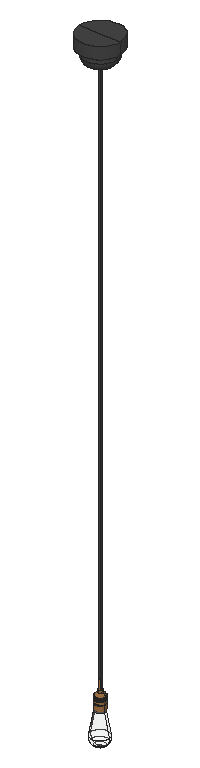
Revit family "SPO-AB MB", category Lighting Fixtures, Revit 2020
Family settings
  Round Connector Dimension = Use Diameter
  Part Type = Normal
  OmniClass Number = 23.80.70.00
  OmniClass Title = Lighting
  Work Plane-Based = No
  Always vertical = Yes
  Cut with Voids When Loaded = No
  Light Source = Yes
  Shared = No
  Room Calculation Point = No
Parameters (values of type "SPO-AB")
  Weight = "0.30 lbs"
  Wattage Comments = "60W Max"
  Wattage = 1.6 W
  Warranty = "5 year limited warranty"  # constant formula
  built-in parameter 1150110 = 1 (stored number, unit not read)
  Voltage = 277 V
  URL = "https://www.anplighting.com/assets/Uploads/product-attachments/specification-sheets/ANP-Specification-Sheet-SPO-AB.pdf"
  built-in parameter 1114217 = 1 (stored number, unit not read)
  Tilt Angle = 90.00°
  built-in parameter 1150109 = 1 (stored number, unit not read)
  built-in parameter 1150134 = 12
  built-in parameter 1150113 = 1 (stored number, unit not read)
  SPO-AB = yes
  Ring = RING
  Mounting Option [instance] = 1
  Power Factor = 1
  Post Mount [instance] = Mounting Option = 5  # no
  Placement X axis side [instance] = if(Post Mount, 2' 2 15/32", if(Cord or Stem Mount, 0' 0", if(E36 20 inch, 1' 8 1/4", if(E 6 26 inch, 2' 2", if(E7 41 inch, 3' 5 1/4", 0' 1")))))  # 0' - 0"
  Photometric Web File = "generic.ies"
  Model = "SPO-AB"
  Manufacturer = "ANP Lighting"  # constant formula
  built-in parameter 1150105 = 2000 (stored number, unit not read)
  Lumens = 2000 lm
  built-in parameter 1150115 = 1 (stored number, unit not read)
  Load Classification = Lighting
  Light Source Height [instance] = 0' - 6 205/256"
  built-in parameter 1150137 = (empty or 0)
  built-in parameter 1150139 = (empty or 0)
  Light Elevation _2 [instance] = if(Post Mount, 0' 0.66142", if(E7 41 inch, 0' 0.66142", if(E36 20 inch, 0' 1.65748", if(E 6 26 inch, 0' 1.53543", if(Cord or Stem Mount, (0' 4.3622" + Cord Length), 0' 0")))))  # 6' - 4.3622"
  Light Elevation _1 [instance] = if(Post Mount, 0' 0", if(E7 41 inch, 0' 0", if(E36 20 inch, 0' 1", if(E 6 26 inch, 0' 0.87402", if(Cord or Stem Mount, (0' 3.66142" + Cord Length), 0' 0")))))  # 6' - 3.66142"
  Light Elevation [instance] = if(Post Mount, 14' 0.5315", if(E7 41 inch, 0' 0", 0' 0"))  # 0' - 0"
  built-in parameter 1150112 = 1 (stored number, unit not read)
  built-in parameter 1150114 = 1 (stored number, unit not read)
  Lamp = "MED-BASE"
  built-in parameter 1150132 = 2
  built-in parameter 1150102 = (empty or 0)
  built-in parameter 1150107 = 4000 (stored number, unit not read)
  built-in parameter 1150138 = (empty or 0)
  built-in parameter 1150106 = 20 (stored number, unit not read)
  GLASS = Glass
  Fixture Height = 0' - 2 1/4"
  Fixture Diameter = 0' - 1 3/8"
  built-in parameter 1150104 = 116.13 (stored number, unit not read)
  E7 41 inch [instance] = Mounting Option = 4  # no
  E36 20 inch [instance] = Mounting Option = 3  # no
  E 6 26 inch [instance] = Mounting Option = 2  # no
  Dimming Lamp Color Temperature Shift = <None>
  Description = "120-277 Voltage"  # constant formula
  Default Elevation = 0' - 0"
  Cord or Stem Mount [instance] = Mounting Option = 1  # yes
  Cord Length option [instance] = 0
  Cord Length [instance] = if([2' Cord], 2' 0", if([4' Cord], 4' 0", if([8' Cord], 8' 0", if([10' Cord], 10' 0", if([6' Cord], 6' 0", 6' 0")))))  # 6' - 0"
  Construction Material = "Heavy Duty spun aluminum."  # constant formula
  Color Filter = 16777215
  Body Material = body
  Body Colour = "Spun aluminium"  # constant formula
  built-in parameter 1114218 = 1 (stored number, unit not read)
  built-in parameter 1150133 = 10 (stored number, unit not read)
  Apparent Load = 60 VA
  8' Cord [instance] = Cord Length option = 8  # no
  6' Cord [instance] = Cord Length option = 6  # no
  4' Cord [instance] = Cord Length option = 4  # no
  2' Cord [instance] = Cord Length option = 2  # no
  10' Cord [instance] = Cord Length option = 10  # no
Reference planes (in)
  plane 1 "Light Source Axis (F/B)": y = 0
  plane 2: z = 0
  plane 3 "Light Source Axis (L/R)": x = 0
  plane 4 "Light Source Elevation": z = 0
  plane 5: z = 0
  plane 6: x = 0
  plane 7 "Bulb Position": z = -76.3622
  plane 8 "Canopy Position": z = -75.66142
  plane 9 "IES": z = -83.16299
Dimensions and locks (in)
  "Light Elevation": plane 5 to plane 2
  "Placement X axis side": plane 6 to plane 3 "Light Source Axis (L/R)"
  "Light Elevation _2": plane 5 to plane 7 "Bulb Position"
  "Light Elevation _1": plane 5 to plane 8 "Canopy Position"
  "Light Source Height": plane 7 "Bulb Position" to plane 9 "IES"
  locked: plane 4 "Light Source Elevation" to plane 2
  aligned and locked: level to plane 2
  aligned and locked: plane 1 "Light Source Axis (F/B)" to nested 5
  aligned and locked: nested 5 to plane 2
  aligned and locked: nested 1 to plane 3 "Light Source Axis (L/R)"
  aligned and locked: plane 3 "Light Source Axis (L/R)" to nested 2
  aligned and locked: plane 3 "Light Source Axis (L/R)" to nested 4
  aligned and locked: nested 3 to plane 5
  aligned and locked: plane 3 "Light Source Axis (L/R)" to nested 3
  aligned and locked: plane 3 "Light Source Axis (L/R)" to nested 5
  aligned and locked: plane 1 "Light Source Axis (F/B)" to nested 2
  aligned and locked: plane 1 "Light Source Axis (F/B)" to nested 1
  aligned and locked: plane 1 "Light Source Axis (F/B)" to nested 4
  aligned and locked: plane 1 "Light Source Axis (F/B)" to nested 3
  aligned and locked: plane 2 to nested 1
  aligned and locked: plane 2 to nested 2
  aligned and locked: nested 4 to plane 2
  aligned and locked: imposter light to plane 9 "IES"
  aligned and locked: imposter light to plane 6
  aligned and locked: nested 6 to plane 6
  aligned and locked: nested 6 to plane 8 "Canopy Position"
Nested families (in)
  nested 1: "CORD OR STEM MOUNT" at (0, 0, -75.67), visible <- "Cord or Stem Mount", Cord or Stem Mount <- "Cord or Stem Mount", Body Material <- "Body Material", Light Elevation <- "Light Elevation", Cord Length <- "Cord Length", 10' Cord <- "10' Cord", 2' Cord <- "2' Cord", 4' Cord <- "4' Cord", 6' Cord <- "6' Cord", 8' Cord <- "8' Cord", type "CORD OR STEM MOUNT"
    with Light Elevation 0' - 0", Cord or Stem Mount yes, Cord Length 6' - 0", Body Material body, 8' Cord no, 6' Cord no, 4' Cord no, 2' Cord no, 10' Cord no
  nested 2: "E6 26 INCH" at (0, 0, 0), visible <- "E 6 26 inch", Chain Length <- "Cord Length", E 6 26 inch <- "E 6 26 inch", Placement X axis side <- "Placement X axis side", Body Material <- "Body Material", Light Elevation <- "Light Elevation", type "E6 26 INCH"
    with Placement X axis side 0' - 0", Light Elevation 0' - 0", E 6 26 inch no, Chain Length 6' - 0", Body Material body
  nested 3: "E7 41 INCH" at (0, 0, 0), Chain Length <- "Cord Length", visible <- "E7 41 inch", E7 41 inch <- "E7 41 inch", Placement X axis side <- "Placement X axis side", Body Material <- "Body Material", Light Elevation <- "Light Elevation", type "E7 41 INCH"
    with Placement X axis side 0' - 0", Light Elevation 0' - 0", E7 41 inch no, Chain Length 6' - 0", Body Material body
  nested 4: "E36 20 INCH" at (0, 0, 0), visible <- "E36 20 inch", E36 20 inch <- "E36 20 inch", Placement X axis side <- "Placement X axis side", Chain Length <- "Cord Length", Body Material <- "Body Material", Light Elevation <- "Light Elevation", type "E36 20 INCH"
    with Placement X axis side 0' - 0", Light Elevation 0' - 0", E36 20 inch no, Chain Length 6' - 0", Body Material body
  nested 5: "POST MOUNT" at (0, 0, 0), visible <- "Post Mount", Post Mount <- "Post Mount", Placement X axis side <- "Placement X axis side", Chain Length <- "Cord Length", Body Material <- "Body Material", Light Elevation <- "Light Elevation", type "POST MOUNT"
    with Post Mount no, Placement X axis side 0' - 0", Light Elevation 0' - 0", Chain Length 6' - 0", Body Material body
  nested 6: "SPO-AB" at (0, 0, -75.66142), Light Elevation <- "Light Elevation", Body <- "Ring", visible <- "SPO-AB", SPO-AB <- "SPO-AB", type "SPO-AB"
    with Light Elevation 0' - 0", Body RING
Definition of nested family "CORD OR STEM MOUNT"
  Parameters (values of type "CORD OR STEM MOUNT")
    URL = ""
    Model = ""
    Manufacturer = ""
    Light Elevation [instance] = 1' - 7.69"
    Default Elevation = 0' - 0"
    Cord or Stem Mount [instance] = yes
    Cord Length [instance] = 6' - 0"
    Body Material [instance] = none
    8' Cord [instance] = no
    6' Cord [instance] = no
    4' Cord [instance] = no
    2' Cord [instance] = no
    10' Cord [instance] = no
  Reference planes (in)
    plane 1 "Light Source Axis (F/B)": y = 0
    plane 2: z = 0
    plane 3 "Light Source Axis (L/R)": x = 0
    plane 4 "Light Source Elevation": z = 23.125
    plane 5: z = 91.69
    plane 6: z = 19.69
  Forms (in)
    Extrusion 1, void, not visible
      sketch origin (0, 0, 2.38154) x (1, 0, 0) y (0, 0, 1)
        loop
          circle (0, 4.59925) r 0.16583
      from 1.18594 to 1.75
    Extrusion 2, void, not visible
      sketch origin (0, 0, 2.38154) x (0.707107, -0.707107, 0) y (0, 0, 1)
        loop
          circle (0, 4.59925) r 0.16583
      from 1.18594 to 1.75
    Extrusion 3, void, not visible
      sketch origin (0, 0, 2.38154) x (0.707107, 0.707107, 0) y (0, 0, 1)
        loop
          circle (0, 4.59925) r 0.16583
      from 1.18594 to 1.75
    Extrusion 4, void, not visible
      sketch origin (0, 0, 2.38154) x (0, 1, 0) y (0, 0, 1)
        loop
          circle (0, 4.59925) r 0.16583
      from 1.18594 to 1.75
    Extrusion 5, void, not visible
      sketch origin (0, 0, 2.38154) x (-0.707107, 0.707107, 0) y (0, 0, 1)
        loop
          circle (0, 4.59925) r 0.16583
      from 1.18594 to 1.75
    Extrusion 6, void, not visible
      sketch origin (0, 0, 2.38154) x (-1, 0, 0) y (0, 0, 1)
        loop
          circle (0, 4.59925) r 0.20678
      from 1.18594 to 1.75
    Extrusion 7, void, not visible
      sketch origin (0, 0, 2.38154) x (-0.707107, -0.707107, 0) y (0, 0, 1)
        loop
          circle (0, 4.59925) r 0.16583
      from 1.18594 to 1.75
    Extrusion 8, void, not visible
      sketch origin (0, 0, 2.38154) x (0, -1, 0) y (0, 0, 1)
        loop
          circle (0, 4.59925) r 0.16583
      from 1.18594 to 1.75
    Revolve 9, solid, material <- "Body Material", visible <- "Cord or Stem Mount"
      sketch origin (0, 0, 174.56698) x (1, 0, 0) y (0, 0, 1)
        loop
          line (2.6875, -79.20698) -> (0, -79.20698) -> (0, -82.87698) -> (0.125, -82.87698) -> (0.125, -82.83698) -> (0.75, -82.83698)
          arc (0.75, -82.83698) -> (0.81694, -82.77004) -> (0.75, -82.7031) r 0.06694
          line (0.75, -82.7031) -> (0.89763, -82.7031) -> (1.00223, -82.5985) -> (1.06587, -82.5985)
          arc (1.06587, -82.5985) -> (1.80099, -82.29401) -> (2.10549, -81.55888) r 1.03962
          line (2.10549, -81.55888) -> (2.10549, -81.03899)
          arc (2.10549, -81.03899) -> (2.12951, -80.981) -> (2.1875, -80.95698) r 0.08201
          line (2.1875, -80.95698) -> (2.1875, -80.70698) -> (2.6875, -80.70698) -> (2.6875, -79.20698)
        axis (0, -79.20698) -> (0, -82.87698)
      angle from 0 to 360
    Revolve 10, solid, material <- "Body Material", visible <- "Cord or Stem Mount"
      sketch origin (0, 0, 0) x (1, 0, 0) y (0, 0, 1)
        loop
          line (0, 91.69) -> (-0.125, 91.69) -> (-0.125, 19.69) -> (0, 19.69) -> (0, 91.69)
        axis (0, 19.69) -> (0, 91.69)
      angle from 0 to 360
  Dimensions and locks (in)
    "Light Elevation": plane 6 to plane 2
    "Cord Length": plane 5 to plane 6
    locked: Revolve 10 sketch curve to Revolve 10 sketch curve at 0.125
    aligned and locked: level to plane 2
    aligned and locked: Revolve 10 sketch curve to plane 3 "Light Source Axis (L/R)"
    aligned and locked: Revolve 10 sketch curve to plane 6
    aligned and locked: Revolve 10 sketch curve to plane 5
    aligned and locked: plane 3 "Light Source Axis (L/R)" to Revolve 10 sketch curve
  Automatic sketch dimensions
    Revolve 9 sketch curve to plane 3 "Light Source Axis (L/R)" = 0' - 0"  (x2)
    Revolve 9 sketch curve to plane 5 = 0' - 0"
    plane 3 "Light Source Axis (L/R)" to Revolve 9 sketch curve = 0' - 0 1/8"
    Revolve 9 sketch curve to plane 5 = 0' - 0.17388"
    Revolve 9 sketch curve to Revolve 9 sketch curve = 0' - 0 5/8"
    Revolve 9 sketch curve to Revolve 9 sketch curve = 0' - 0.14763"
    Revolve 9 sketch curve to plane 5 = 0' - 0.27847"
    Revolve 9 sketch curve to Revolve 9 sketch curve = 0' - 0.1046"
    Revolve 9 sketch curve to Revolve 9 sketch curve = 0' - 0.06364"
    Revolve 9 sketch curve to Revolve 9 sketch curve = 0' - 1.03962"
    Revolve 9 sketch curve to Revolve 9 sketch curve = 0' - 0 21/256"
    Revolve 9 sketch curve to Revolve 9 sketch curve = 0' - 0 1/2"  (x2)
    Revolve 9 sketch curve to Revolve 9 sketch curve = 0' - 0.51989"
    Revolve 9 sketch curve to Revolve 9 sketch curve = 0' - 0 1/4"
    Revolve 9 sketch curve to Revolve 9 sketch curve = 0' - 2.3519"
    Revolve 9 sketch curve to Revolve 9 sketch curve = 0' - 1 1/4"
    Revolve 9 sketch curve to Revolve 9 sketch curve = 0' - 0.04"
    Revolve 10 sketch curve to Revolve 10 sketch curve = 0' - 0 1/2"
    Revolve 10 sketch curve to Revolve 10 sketch curve = 0' - 0.42345"
Definition of nested family "SPO-AB"
  Parameters (values of type "SPO-AB")
    SPO-AB [instance] = yes
    Light Elevation [instance] = 0' - 0"
    GLASS = none
    Default Elevation = 0' - 0"
    Body [instance] = none
  Reference planes (in)
    plane 1 "Center (Front/Back)": y = 0
    plane 2: z = 0
    plane 3 "Center (Left/Right)": x = 0
    plane 4: z = 0
  Dimensions and locks (in)
    "Light Elevation": plane 4 to plane 2
    locked: plane 4 to nested 2 at 2.25
    aligned and locked: plane 2 to level
    aligned and locked: plane 3 "Center (Left/Right)" to nested 1
    aligned and locked: plane 1 "Center (Front/Back)" to nested 1
    aligned and locked: plane 4 to nested 1
  Nested families (in)
    nested 1: "SPO-AB HOLDER" at (0, 0, -2.25), visible <- "SPO-AB", Body <- "Body", SPO-AB <- "SPO-AB", type "SPO-AB HOLDER"
    nested 2: "light" at (0, 0, -2.25), visible <- "SPO-AB", SPB <- "SPO-AB", Body <- "GLASS", type "light"
      with SPB yes, Body none
  Definition of nested family "SPO-AB HOLDER"
    Parameters (values of type "SPO-AB HOLDER")
      SPO-AB [instance] = yes
      Default Elevation = 0' - 0"
      Body [instance] = none
    Reference planes (in)
      plane 1 "Center (Front/Back)": y = 0
      plane 2: z = 0
      plane 3 "Center (Left/Right)": x = 0
      plane 4: z = 2.25
      plane 5: x = -0.67187
      plane 6: x = 0.67188
    Forms (in)
      Extrusion 1, solid, material <- "Body", visible <- "SPO-AB"
        sketch origin (0, 0, 0) x (1, 0, 0) y (0, 1, 0)
          loop
            circle (0, 0) r 0.1524
        from 2.25 to 3.52161
      Revolve 2, solid, material <- "Body", visible <- "SPO-AB"
        sketch origin (0, 0, 0) x (1, 0, 0) y (0, 0, 1)
          loop
            line (0, 2.25) -> (-0.24572, 2.25) -> (-0.24572, 1.96493)
            arc (-0.24572, 1.96493) -> (-0.46878, 1.82707) -> (-0.5977, 1.59872) r 0.5266
            line (-0.5977, 1.59872) -> (-0.67187, 1.59872) -> (-0.67187, 1.22149) -> (-0.63998, 1.22149) -> (-0.63998, 0.80249) -> (-0.60818, 0.7343) -> (-0.60818, 0) -> (0, 0) -> (0, 0.03906) -> (-0.56912, 0.03906) -> (-0.56912, 0.74296) -> (-0.60091, 0.81115) -> (-0.60091, 1.22149) -> (-0.63281, 1.22149) -> (-0.63281, 1.55966) -> (-0.5668, 1.55966)
            arc (-0.5668, 1.55966) -> (-0.44105, 1.79956) -> (-0.20666, 1.93531) r 0.48753
            line (-0.20666, 1.93531) -> (-0.20666, 2.21094) -> (0, 2.21094) -> (0, 2.25)
          axis (0, 0) -> (0, 2.25)
        angle from 0 to 360
      Extrusion 3, solid, material <- "Body", visible <- "SPO-AB"
        sketch origin (0.02835, 0.02835, 0) x (1, 0, 0) y (0, 1, 0)
          loop
            line (0.4381, 0.42191) -> (0.46327, 0.39674) -> (0.48646, 0.41993) -> (0.46129, 0.4451) -> (0.4381, 0.42191)
        from 1.28639 to 1.55966
      Extrusion 4, solid, material <- "Body", visible <- "SPO-AB"
        sketch origin (0.03049, 0.02603, 0) x (0.996897, -0.078721, 0) y (0.078721, 0.996897, 0)
          loop
            line (0.4381, 0.42191) -> (0.46327, 0.39674) -> (0.48646, 0.41993) -> (0.46129, 0.4451) -> (0.4381, 0.42191)
        from 1.28639 to 1.55966
      Extrusion 5, solid, material <- "Body", visible <- "SPO-AB"
        sketch origin (0.03245, 0.02355, 0) x (0.987606, -0.156954, 0) y (0.156954, 0.987606, 0)
          loop
            line (0.4381, 0.42191) -> (0.46327, 0.39674) -> (0.48646, 0.41993) -> (0.46129, 0.4451) -> (0.4381, 0.42191)
        from 1.28639 to 1.55966
      Extrusion 6, solid, material <- "Body", visible <- "SPO-AB"
        sketch origin (0.0342, 0.02092, 0) x (0.972185, -0.234213, 0) y (0.234213, 0.972185, 0)
          loop
            line (0.4381, 0.42191) -> (0.46327, 0.39674) -> (0.48646, 0.41993) -> (0.46129, 0.4451) -> (0.4381, 0.42191)
        from 1.28639 to 1.55966
      Extrusion 7, solid, material <- "Body", visible <- "SPO-AB"
        sketch origin (0.03574, 0.01816, 0) x (0.950731, -0.310018, 0) y (0.310018, 0.950731, 0)
          loop
            line (0.4381, 0.42191) -> (0.46327, 0.39674) -> (0.48646, 0.41993) -> (0.46129, 0.4451) -> (0.4381, 0.42191)
        from 1.28639 to 1.55966
      Extrusion 8, solid, material <- "Body", visible <- "SPO-AB"
        sketch origin (0.03706, 0.01529, 0) x (0.923375, -0.383899, 0) y (0.383899, 0.923375, 0)
          loop
            line (0.4381, 0.42191) -> (0.46327, 0.39674) -> (0.48646, 0.41993) -> (0.46129, 0.4451) -> (0.4381, 0.42191)
        from 1.28639 to 1.55966
      Extrusion 9, solid, material <- "Body", visible <- "SPO-AB"
        sketch origin (0.03815, 0.01233, 0) x (0.890289, -0.455397, 0) y (0.455397, 0.890289, 0)
          loop
            line (0.4381, 0.42191) -> (0.46327, 0.39674) -> (0.48646, 0.41993) -> (0.46129, 0.4451) -> (0.4381, 0.42191)
        from 1.28639 to 1.55966
      Extrusion 10, solid, material <- "Body", visible <- "SPO-AB"
        sketch origin (0.039, 0.00929, 0) x (0.851676, -0.524068, 0) y (0.524068, 0.851676, 0)
          loop
            line (0.4381, 0.42191) -> (0.46327, 0.39674) -> (0.48646, 0.41993) -> (0.46129, 0.4451) -> (0.4381, 0.42191)
        from 1.28639 to 1.55966
      Extrusion 11, solid, material <- "Body", visible <- "SPO-AB"
        sketch origin (0.03961, 0.00619, 0) x (0.807778, -0.589487, 0) y (0.589487, 0.807778, 0)
          loop
            line (0.4381, 0.42191) -> (0.46327, 0.39674) -> (0.48646, 0.41993) -> (0.46129, 0.4451) -> (0.4381, 0.42191)
        from 1.28639 to 1.55966
      Extrusion 12, solid, material <- "Body", visible <- "SPO-AB"
        sketch origin (0.03997, 0.00305, 0) x (0.758866, -0.651247, 0) y (0.651247, 0.758866, 0)
          loop
            line (0.4381, 0.42191) -> (0.46327, 0.39674) -> (0.48646, 0.41993) -> (0.46129, 0.4451) -> (0.4381, 0.42191)
        from 1.28639 to 1.55966
      Extrusion 13, solid, material <- "Body", visible <- "SPO-AB"
        sketch origin (0.04009, -0.00011, 0) x (0.705244, -0.708965, 0) y (0.708965, 0.705244, 0)
          loop
            line (0.4381, 0.42191) -> (0.46327, 0.39674) -> (0.48646, 0.41993) -> (0.46129, 0.4451) -> (0.4381, 0.42191)
        from 1.28639 to 1.55966
      Extrusion 14, solid, material <- "Body", visible <- "SPO-AB"
        sketch origin (0.03996, -0.00326, 0) x (0.647245, -0.762282, 0) y (0.762282, 0.647245, 0)
          loop
            line (0.4381, 0.42191) -> (0.46327, 0.39674) -> (0.48646, 0.41993) -> (0.46129, 0.4451) -> (0.4381, 0.42191)
        from 1.28639 to 1.55966
      Extrusion 15, solid, material <- "Body", visible <- "SPO-AB"
        sketch origin (0.03958, -0.0064, 0) x (0.585228, -0.810869, 0) y (0.810869, 0.585228, 0)
          loop
            line (0.4381, 0.42191) -> (0.46327, 0.39674) -> (0.48646, 0.41993) -> (0.46129, 0.4451) -> (0.4381, 0.42191)
        from 1.28639 to 1.55966
      Extrusion 16, solid, material <- "Body", visible <- "SPO-AB"
        sketch origin (0.03895, -0.00949, 0) x (0.519579, -0.854422, 0) y (0.854422, 0.519579, 0)
          loop
            line (0.4381, 0.42191) -> (0.46327, 0.39674) -> (0.48646, 0.41993) -> (0.46129, 0.4451) -> (0.4381, 0.42191)
        from 1.28639 to 1.55966
      Extrusion 17, solid, material <- "Body", visible <- "SPO-AB"
        sketch origin (0.03808, -0.01253, 0) x (0.450705, -0.892673, 0) y (0.892673, 0.450705, 0)
          loop
            line (0.4381, 0.42191) -> (0.46327, 0.39674) -> (0.48646, 0.41993) -> (0.46129, 0.4451) -> (0.4381, 0.42191)
        from 1.28639 to 1.55966
      Extrusion 18, solid, material <- "Body", visible <- "SPO-AB"
        sketch origin (0.03698, -0.01549, 0) x (0.379034, -0.925383, 0) y (0.925383, 0.379034, 0)
          loop
            line (0.4381, 0.42191) -> (0.46327, 0.39674) -> (0.48646, 0.41993) -> (0.46129, 0.4451) -> (0.4381, 0.42191)
        from 1.28639 to 1.55966
      Extrusion 19, solid, material <- "Body", visible <- "SPO-AB"
        sketch origin (0.03564, -0.01835, 0) x (0.305011, -0.952349, 0) y (0.952349, 0.305011, 0)
          loop
            line (0.4381, 0.42191) -> (0.46327, 0.39674) -> (0.48646, 0.41993) -> (0.46129, 0.4451) -> (0.4381, 0.42191)
        from 1.28639 to 1.55966
      Extrusion 20, solid, material <- "Body", visible <- "SPO-AB"
        sketch origin (0.03409, -0.0211, 0) x (0.229094, -0.973404, 0) y (0.973404, 0.229094, 0)
          loop
            line (0.4381, 0.42191) -> (0.46327, 0.39674) -> (0.48646, 0.41993) -> (0.46129, 0.4451) -> (0.4381, 0.42191)
        from 1.28639 to 1.55966
      Extrusion 21, solid, material <- "Body", visible <- "SPO-AB"
        sketch origin (0.03232, -0.02372, 0) x (0.151755, -0.988418, 0) y (0.988418, 0.151755, 0)
          loop
            line (0.4381, 0.42191) -> (0.46327, 0.39674) -> (0.48646, 0.41993) -> (0.46129, 0.4451) -> (0.4381, 0.42191)
        from 1.28639 to 1.55966
      Extrusion 22, solid, material <- "Body", visible <- "SPO-AB"
        sketch origin (0.03035, -0.02619, 0) x (0.073474, -0.997297, 0) y (0.997297, 0.073474, 0)
          loop
            line (0.4381, 0.42191) -> (0.46327, 0.39674) -> (0.48646, 0.41993) -> (0.46129, 0.4451) -> (0.4381, 0.42191)
        from 1.28639 to 1.55966
      Extrusion 23, solid, material <- "Body", visible <- "SPO-AB"
        sketch origin (0.0282, -0.0285, 0) x (-0.005262, -0.999986, 0) y (0.999986, -0.005262, 0)
          loop
            line (0.4381, 0.42191) -> (0.46327, 0.39674) -> (0.48646, 0.41993) -> (0.46129, 0.4451) -> (0.4381, 0.42191)
        from 1.28639 to 1.55966
      Extrusion 24, solid, material <- "Body", visible <- "SPO-AB"
        sketch origin (0.02587, -0.03063, 0) x (-0.083966, -0.996469, 0) y (0.996469, -0.083966, 0)
          loop
            line (0.4381, 0.42191) -> (0.46327, 0.39674) -> (0.48646, 0.41993) -> (0.46129, 0.4451) -> (0.4381, 0.42191)
        from 1.28639 to 1.55966
      Extrusion 25, solid, material <- "Body", visible <- "SPO-AB"
        sketch origin (0.02338, -0.03257, 0) x (-0.162149, -0.986766, 0) y (0.986766, -0.162149, 0)
          loop
            line (0.4381, 0.42191) -> (0.46327, 0.39674) -> (0.48646, 0.41993) -> (0.46129, 0.4451) -> (0.4381, 0.42191)
        from 1.28639 to 1.55966
      Extrusion 26, solid, material <- "Body", visible <- "SPO-AB"
        sketch origin (0.02074, -0.03431, 0) x (-0.239325, -0.970939, 0) y (0.970939, -0.239325, 0)
          loop
            line (0.4381, 0.42191) -> (0.46327, 0.39674) -> (0.48646, 0.41993) -> (0.46129, 0.4451) -> (0.4381, 0.42191)
        from 1.28639 to 1.55966
      Extrusion 27, solid, material <- "Body", visible <- "SPO-AB"
        sketch origin (0.01797, -0.03583, 0) x (-0.315016, -0.949086, 0) y (0.949086, -0.315016, 0)
          loop
            line (0.4381, 0.42191) -> (0.46327, 0.39674) -> (0.48646, 0.41993) -> (0.46129, 0.4451) -> (0.4381, 0.42191)
        from 1.28639 to 1.55966
      Extrusion 28, solid, material <- "Body", visible <- "SPO-AB"
        sketch origin (0.0151, -0.03714, 0) x (-0.388752, -0.921342, 0) y (0.921342, -0.388752, 0)
          loop
            line (0.4381, 0.42191) -> (0.46327, 0.39674) -> (0.48646, 0.41993) -> (0.46129, 0.4451) -> (0.4381, 0.42191)
        from 1.28639 to 1.55966
      Extrusion 29, solid, material <- "Body", visible <- "SPO-AB"
        sketch origin (0.01213, -0.03821, 0) x (-0.460075, -0.88788, 0) y (0.88788, -0.460075, 0)
          loop
            line (0.4381, 0.42191) -> (0.46327, 0.39674) -> (0.48646, 0.41993) -> (0.46129, 0.4451) -> (0.4381, 0.42191)
        from 1.28639 to 1.55966
      Extrusion 30, solid, material <- "Body", visible <- "SPO-AB"
        sketch origin (0.00908, -0.03905, 0) x (-0.528542, -0.848907, 0) y (0.848907, -0.528542, 0)
          loop
            line (0.4381, 0.42191) -> (0.46327, 0.39674) -> (0.48646, 0.41993) -> (0.46129, 0.4451) -> (0.4381, 0.42191)
        from 1.28639 to 1.55966
      Extrusion 31, solid, material <- "Body", visible <- "SPO-AB"
        sketch origin (0.00598, -0.03964, 0) x (-0.593729, -0.804665, 0) y (0.804665, -0.593729, 0)
          loop
            line (0.4381, 0.42191) -> (0.46327, 0.39674) -> (0.48646, 0.41993) -> (0.46129, 0.4451) -> (0.4381, 0.42191)
        from 1.28639 to 1.55966
      Extrusion 32, solid, material <- "Body", visible <- "SPO-AB"
        sketch origin (0.00284, -0.03999, 0) x (-0.655231, -0.755428, 0) y (0.755428, -0.655231, 0)
          loop
            line (0.4381, 0.42191) -> (0.46327, 0.39674) -> (0.48646, 0.41993) -> (0.46129, 0.4451) -> (0.4381, 0.42191)
        from 1.28639 to 1.55966
      Extrusion 33, solid, material <- "Body", visible <- "SPO-AB"
        sketch origin (-0.00032, -0.04009, 0) x (-0.712666, -0.701503, 0) y (0.701503, -0.712666, 0)
          loop
            line (0.4381, 0.42191) -> (0.46327, 0.39674) -> (0.48646, 0.41993) -> (0.46129, 0.4451) -> (0.4381, 0.42191)
        from 1.28639 to 1.55966
      Extrusion 34, solid, material <- "Body", visible <- "SPO-AB"
        sketch origin (-0.00347, -0.03994, 0) x (-0.765678, -0.643224, 0) y (0.643224, -0.765678, 0)
          loop
            line (0.4381, 0.42191) -> (0.46327, 0.39674) -> (0.48646, 0.41993) -> (0.46129, 0.4451) -> (0.4381, 0.42191)
        from 1.28639 to 1.55966
      Extrusion 35, solid, material <- "Body", visible <- "SPO-AB"
        sketch origin (-0.0066, -0.03954, 0) x (-0.813937, -0.580953, 0) y (0.580953, -0.813937, 0)
          loop
            line (0.4381, 0.42191) -> (0.46327, 0.39674) -> (0.48646, 0.41993) -> (0.46129, 0.4451) -> (0.4381, 0.42191)
        from 1.28639 to 1.55966
      Extrusion 36, solid, material <- "Body", visible <- "SPO-AB"
        sketch origin (-0.0097, -0.0389, 0) x (-0.857145, -0.515076, 0) y (0.515076, -0.857145, 0)
          loop
            line (0.4381, 0.42191) -> (0.46327, 0.39674) -> (0.48646, 0.41993) -> (0.46129, 0.4451) -> (0.4381, 0.42191)
        from 1.28639 to 1.55966
      Extrusion 37, solid, material <- "Body", visible <- "SPO-AB"
        sketch origin (-0.01273, -0.03802, 0) x (-0.895032, -0.446002, 0) y (0.446002, -0.895032, 0)
          loop
            line (0.4381, 0.42191) -> (0.46327, 0.39674) -> (0.48646, 0.41993) -> (0.46129, 0.4451) -> (0.4381, 0.42191)
        from 1.28639 to 1.55966
      Extrusion 38, solid, material <- "Body", visible <- "SPO-AB"
        sketch origin (-0.01568, -0.0369, 0) x (-0.927364, -0.374159, 0) y (0.374159, -0.927364, 0)
          loop
            line (0.4381, 0.42191) -> (0.46327, 0.39674) -> (0.48646, 0.41993) -> (0.46129, 0.4451) -> (0.4381, 0.42191)
        from 1.28639 to 1.55966
      Extrusion 39, solid, material <- "Body", visible <- "SPO-AB"
        sketch origin (-0.01854, -0.03555, 0) x (-0.953941, -0.299995, 0) y (0.299995, -0.953941, 0)
          loop
            line (0.4381, 0.42191) -> (0.46327, 0.39674) -> (0.48646, 0.41993) -> (0.46129, 0.4451) -> (0.4381, 0.42191)
        from 1.28639 to 1.55966
      Extrusion 40, solid, material <- "Body", visible <- "SPO-AB"
        sketch origin (-0.02128, -0.03398, 0) x (-0.974596, -0.223968, 0) y (0.223968, -0.974596, 0)
          loop
            line (0.4381, 0.42191) -> (0.46327, 0.39674) -> (0.48646, 0.41993) -> (0.46129, 0.4451) -> (0.4381, 0.42191)
        from 1.28639 to 1.55966
      Extrusion 41, solid, material <- "Body", visible <- "SPO-AB"
        sketch origin (-0.02389, -0.0322, 0) x (-0.989203, -0.146552, 0) y (0.146552, -0.989203, 0)
          loop
            line (0.4381, 0.42191) -> (0.46327, 0.39674) -> (0.48646, 0.41993) -> (0.46129, 0.4451) -> (0.4381, 0.42191)
        from 1.28639 to 1.55966
      Extrusion 42, solid, material <- "Body", visible <- "SPO-AB"
        sketch origin (-0.02635, -0.03022, 0) x (-0.99767, -0.068226, 0) y (0.068226, -0.99767, 0)
          loop
            line (0.4381, 0.42191) -> (0.46327, 0.39674) -> (0.48646, 0.41993) -> (0.46129, 0.4451) -> (0.4381, 0.42191)
        from 1.28639 to 1.55966
      Extrusion 43, solid, material <- "Body", visible <- "SPO-AB"
        sketch origin (-0.02864, -0.02805, 0) x (-0.999945, 0.010524, 0) y (-0.010524, -0.999945, 0)
          loop
            line (0.4381, 0.42191) -> (0.46327, 0.39674) -> (0.48646, 0.41993) -> (0.46129, 0.4451) -> (0.4381, 0.42191)
        from 1.28639 to 1.55966
      Extrusion 44, solid, material <- "Body", visible <- "SPO-AB"
        sketch origin (-0.03076, -0.02571, 0) x (-0.996013, 0.089209, 0) y (-0.089209, -0.996013, 0)
          loop
            line (0.4381, 0.42191) -> (0.46327, 0.39674) -> (0.48646, 0.41993) -> (0.46129, 0.4451) -> (0.4381, 0.42191)
        from 1.28639 to 1.55966
      Extrusion 45, solid, material <- "Body", visible <- "SPO-AB"
        sketch origin (-0.03269, -0.0232, 0) x (-0.985899, 0.167339, 0) y (-0.167339, -0.985899, 0)
          loop
            line (0.4381, 0.42191) -> (0.46327, 0.39674) -> (0.48646, 0.41993) -> (0.46129, 0.4451) -> (0.4381, 0.42191)
        from 1.28639 to 1.55966
      Extrusion 46, solid, material <- "Body", visible <- "SPO-AB"
        sketch origin (-0.03442, -0.02056, 0) x (-0.969667, 0.244431, 0) y (-0.244431, -0.969667, 0)
          loop
            line (0.4381, 0.42191) -> (0.46327, 0.39674) -> (0.48646, 0.41993) -> (0.46129, 0.4451) -> (0.4381, 0.42191)
        from 1.28639 to 1.55966
      Extrusion 47, solid, material <- "Body", visible <- "SPO-AB"
        sketch origin (-0.03593, -0.01779, 0) x (-0.947415, 0.320006, 0) y (-0.320006, -0.947415, 0)
          loop
            line (0.4381, 0.42191) -> (0.46327, 0.39674) -> (0.48646, 0.41993) -> (0.46129, 0.4451) -> (0.4381, 0.42191)
        from 1.28639 to 1.55966
      Extrusion 48, solid, material <- "Body", visible <- "SPO-AB"
        sketch origin (-0.03722, -0.0149, 0) x (-0.919284, 0.393595, 0) y (-0.393595, -0.919284, 0)
          loop
            line (0.4381, 0.42191) -> (0.46327, 0.39674) -> (0.48646, 0.41993) -> (0.46129, 0.4451) -> (0.4381, 0.42191)
        from 1.28639 to 1.55966
      Extrusion 49, solid, material <- "Body", visible <- "SPO-AB"
        sketch origin (-0.03827, -0.01193, 0) x (-0.885447, 0.464741, 0) y (-0.464741, -0.885447, 0)
          loop
            line (0.4381, 0.42191) -> (0.46327, 0.39674) -> (0.48646, 0.41993) -> (0.46129, 0.4451) -> (0.4381, 0.42191)
        from 1.28639 to 1.55966
      Extrusion 50, solid, material <- "Body", visible <- "SPO-AB"
        sketch origin (-0.03909, -0.00888, 0) x (-0.846114, 0.533002, 0) y (-0.533002, -0.846114, 0)
          loop
            line (0.4381, 0.42191) -> (0.46327, 0.39674) -> (0.48646, 0.41993) -> (0.46129, 0.4451) -> (0.4381, 0.42191)
        from 1.28639 to 1.55966
      Extrusion 51, solid, material <- "Body", visible <- "SPO-AB"
        sketch origin (-0.03967, -0.00577, 0) x (-0.801529, 0.597955, 0) y (-0.597955, -0.801529, 0)
          loop
            line (0.4381, 0.42191) -> (0.46327, 0.39674) -> (0.48646, 0.41993) -> (0.46129, 0.4451) -> (0.4381, 0.42191)
        from 1.28639 to 1.55966
      Extrusion 52, solid, material <- "Body", visible <- "SPO-AB"
        sketch origin (-0.04, -0.00263, 0) x (-0.75197, 0.659197, 0) y (-0.659197, -0.75197, 0)
          loop
            line (0.4381, 0.42191) -> (0.46327, 0.39674) -> (0.48646, 0.41993) -> (0.46129, 0.4451) -> (0.4381, 0.42191)
        from 1.28639 to 1.55966
      Extrusion 53, solid, material <- "Body", visible <- "SPO-AB"
        sketch origin (-0.04009, 0.00053, 0) x (-0.697744, 0.716348, 0) y (-0.716348, -0.697744, 0)
          loop
            line (0.4381, 0.42191) -> (0.46327, 0.39674) -> (0.48646, 0.41993) -> (0.46129, 0.4451) -> (0.4381, 0.42191)
        from 1.28639 to 1.55966
      Extrusion 54, solid, material <- "Body", visible <- "SPO-AB"
        sketch origin (-0.03992, 0.00368, 0) x (-0.639186, 0.769052, 0) y (-0.769052, -0.639186, 0)
          loop
            line (0.4381, 0.42191) -> (0.46327, 0.39674) -> (0.48646, 0.41993) -> (0.46129, 0.4451) -> (0.4381, 0.42191)
        from 1.28639 to 1.55966
      Extrusion 55, solid, material <- "Body", visible <- "SPO-AB"
        sketch origin (-0.03951, 0.00681, 0) x (-0.576662, 0.816983, 0) y (-0.816983, -0.576662, 0)
          loop
            line (0.4381, 0.42191) -> (0.46327, 0.39674) -> (0.48646, 0.41993) -> (0.46129, 0.4451) -> (0.4381, 0.42191)
        from 1.28639 to 1.55966
      Extrusion 56, solid, material <- "Body", visible <- "SPO-AB"
        sketch origin (-0.03885, 0.0099, 0) x (-0.510558, 0.859843, 0) y (-0.859843, -0.510558, 0)
          loop
            line (0.4381, 0.42191) -> (0.46327, 0.39674) -> (0.48646, 0.41993) -> (0.46129, 0.4451) -> (0.4381, 0.42191)
        from 1.28639 to 1.55966
      Extrusion 57, solid, material <- "Body", visible <- "SPO-AB"
        sketch origin (-0.03795, 0.01293, 0) x (-0.441286, 0.897367, 0) y (-0.897367, -0.441286, 0)
          loop
            line (0.4381, 0.42191) -> (0.46327, 0.39674) -> (0.48646, 0.41993) -> (0.46129, 0.4451) -> (0.4381, 0.42191)
        from 1.28639 to 1.55966
      Extrusion 58, solid, material <- "Body", visible <- "SPO-AB"
        sketch origin (-0.03681, 0.01588, 0) x (-0.369274, 0.92932, 0) y (-0.92932, -0.369274, 0)
          loop
            line (0.4381, 0.42191) -> (0.46327, 0.39674) -> (0.48646, 0.41993) -> (0.46129, 0.4451) -> (0.4381, 0.42191)
        from 1.28639 to 1.55966
      Extrusion 59, solid, material <- "Body", visible <- "SPO-AB"
        sketch origin (-0.03545, 0.01872, 0) x (-0.294971, 0.955506, 0) y (-0.955506, -0.294971, 0)
          loop
            line (0.4381, 0.42191) -> (0.46327, 0.39674) -> (0.48646, 0.41993) -> (0.46129, 0.4451) -> (0.4381, 0.42191)
        from 1.28639 to 1.55966
      Extrusion 60, solid, material <- "Body", visible <- "SPO-AB"
        sketch origin (-0.03386, 0.02146, 0) x (-0.218837, 0.975761, 0) y (-0.975761, -0.218837, 0)
          loop
            line (0.4381, 0.42191) -> (0.46327, 0.39674) -> (0.48646, 0.41993) -> (0.46129, 0.4451) -> (0.4381, 0.42191)
        from 1.28639 to 1.55966
      Extrusion 61, solid, material <- "Body", visible <- "SPO-AB"
        sketch origin (-0.03207, 0.02406, 0) x (-0.141344, 0.98996, 0) y (-0.98996, -0.141344, 0)
          loop
            line (0.4381, 0.42191) -> (0.46327, 0.39674) -> (0.48646, 0.41993) -> (0.46129, 0.4451) -> (0.4381, 0.42191)
        from 1.28639 to 1.55966
      Extrusion 62, solid, material <- "Body", visible <- "SPO-AB"
        sketch origin (-0.03008, 0.02651, 0) x (-0.062975, 0.998015, 0) y (-0.998015, -0.062975, 0)
          loop
            line (0.4381, 0.42191) -> (0.46327, 0.39674) -> (0.48646, 0.41993) -> (0.46129, 0.4451) -> (0.4381, 0.42191)
        from 1.28639 to 1.55966
      Extrusion 63, solid, material <- "Body", visible <- "SPO-AB"
        sketch origin (-0.0279, 0.02879, 0) x (0.015786, 0.999875, 0) y (-0.999875, 0.015786, 0)
          loop
            line (0.4381, 0.42191) -> (0.46327, 0.39674) -> (0.48646, 0.41993) -> (0.46129, 0.4451) -> (0.4381, 0.42191)
        from 1.28639 to 1.55966
      Extrusion 64, solid, material <- "Body", visible <- "SPO-AB"
        sketch origin (-0.02554, 0.0309, 0) x (0.094449, 0.99553, 0) y (-0.99553, 0.094449, 0)
          loop
            line (0.4381, 0.42191) -> (0.46327, 0.39674) -> (0.48646, 0.41993) -> (0.46129, 0.4451) -> (0.4381, 0.42191)
        from 1.28639 to 1.55966
      Extrusion 65, solid, material <- "Body", visible <- "SPO-AB"
        sketch origin (-0.02303, 0.03281, 0) x (0.172525, 0.985005, 0) y (-0.985005, 0.172525, 0)
          loop
            line (0.4381, 0.42191) -> (0.46327, 0.39674) -> (0.48646, 0.41993) -> (0.46129, 0.4451) -> (0.4381, 0.42191)
        from 1.28639 to 1.55966
      Extrusion 66, solid, material <- "Body", visible <- "SPO-AB"
        sketch origin (-0.02038, 0.03452, 0) x (0.24953, 0.968367, 0) y (-0.968367, 0.24953, 0)
          loop
            line (0.4381, 0.42191) -> (0.46327, 0.39674) -> (0.48646, 0.41993) -> (0.46129, 0.4451) -> (0.4381, 0.42191)
        from 1.28639 to 1.55966
      Extrusion 67, solid, material <- "Body", visible <- "SPO-AB"
        sketch origin (-0.0176, 0.03602, 0) x (0.324987, 0.945718, 0) y (-0.945718, 0.324987, 0)
          loop
            line (0.4381, 0.42191) -> (0.46327, 0.39674) -> (0.48646, 0.41993) -> (0.46129, 0.4451) -> (0.4381, 0.42191)
        from 1.28639 to 1.55966
      Extrusion 68, solid, material <- "Body", visible <- "SPO-AB"
        sketch origin (-0.01471, 0.03729, 0) x (0.398427, 0.9172, 0) y (-0.9172, 0.398427, 0)
          loop
            line (0.4381, 0.42191) -> (0.46327, 0.39674) -> (0.48646, 0.41993) -> (0.46129, 0.4451) -> (0.4381, 0.42191)
        from 1.28639 to 1.55966
      Extrusion 69, solid, material <- "Body", visible <- "SPO-AB"
        sketch origin (-0.01172, 0.03834, 0) x (0.469394, 0.882989, 0) y (-0.882989, 0.469394, 0)
          loop
            line (0.4381, 0.42191) -> (0.46327, 0.39674) -> (0.48646, 0.41993) -> (0.46129, 0.4451) -> (0.4381, 0.42191)
        from 1.28639 to 1.55966
      Extrusion 70, solid, material <- "Body", visible <- "SPO-AB"
        sketch origin (-0.00867, 0.03914, 0) x (0.537447, 0.843297, 0) y (-0.843297, 0.537447, 0)
          loop
            line (0.4381, 0.42191) -> (0.46327, 0.39674) -> (0.48646, 0.41993) -> (0.46129, 0.4451) -> (0.4381, 0.42191)
        from 1.28639 to 1.55966
      Extrusion 71, solid, material <- "Body", visible <- "SPO-AB"
        sketch origin (-0.00556, 0.0397, 0) x (0.602165, 0.798372, 0) y (-0.798372, 0.602165, 0)
          loop
            line (0.4381, 0.42191) -> (0.46327, 0.39674) -> (0.48646, 0.41993) -> (0.46129, 0.4451) -> (0.4381, 0.42191)
        from 1.28639 to 1.55966
      Extrusion 72, solid, material <- "Body", visible <- "SPO-AB"
        sketch origin (-0.00242, 0.04002, 0) x (0.663145, 0.748491, 0) y (-0.748491, 0.663145, 0)
          loop
            line (0.4381, 0.42191) -> (0.46327, 0.39674) -> (0.48646, 0.41993) -> (0.46129, 0.4451) -> (0.4381, 0.42191)
        from 1.28639 to 1.55966
      Extrusion 73, solid, material <- "Body", visible <- "SPO-AB"
        sketch origin (0.00074, 0.04008, 0) x (0.720009, 0.693964, 0) y (-0.693964, 0.720009, 0)
          loop
            line (0.4381, 0.42191) -> (0.46327, 0.39674) -> (0.48646, 0.41993) -> (0.46129, 0.4451) -> (0.4381, 0.42191)
        from 1.28639 to 1.55966
      Extrusion 74, solid, material <- "Body", visible <- "SPO-AB"
        sketch origin (0.00389, 0.0399, 0) x (0.772405, 0.635131, 0) y (-0.635131, 0.772405, 0)
          loop
            line (0.4381, 0.42191) -> (0.46327, 0.39674) -> (0.48646, 0.41993) -> (0.46129, 0.4451) -> (0.4381, 0.42191)
        from 1.28639 to 1.55966
      Extrusion 75, solid, material <- "Body", visible <- "SPO-AB"
        sketch origin (0.00702, 0.03947, 0) x (0.820006, 0.572355, 0) y (-0.572355, 0.820006, 0)
          loop
            line (0.4381, 0.42191) -> (0.46327, 0.39674) -> (0.48646, 0.41993) -> (0.46129, 0.4451) -> (0.4381, 0.42191)
        from 1.28639 to 1.55966
      Extrusion 76, solid, material <- "Body", visible <- "SPO-AB"
        sketch origin (0.01011, 0.0388, 0) x (0.862518, 0.506027, 0) y (-0.506027, 0.862518, 0)
          loop
            line (0.4381, 0.42191) -> (0.46327, 0.39674) -> (0.48646, 0.41993) -> (0.46129, 0.4451) -> (0.4381, 0.42191)
        from 1.28639 to 1.55966
      Extrusion 77, solid, material <- "Body", visible <- "SPO-AB"
        sketch origin (0.01313, 0.03788, 0) x (0.899676, 0.436558, 0) y (-0.436558, 0.899676, 0)
          loop
            line (0.4381, 0.42191) -> (0.46327, 0.39674) -> (0.48646, 0.41993) -> (0.46129, 0.4451) -> (0.4381, 0.42191)
        from 1.28639 to 1.55966
      Extrusion 78, solid, material <- "Body", visible <- "SPO-AB"
        sketch origin (0.01607, 0.03673, 0) x (0.931251, 0.364379, 0) y (-0.364379, 0.931251, 0)
          loop
            line (0.4381, 0.42191) -> (0.46327, 0.39674) -> (0.48646, 0.41993) -> (0.46129, 0.4451) -> (0.4381, 0.42191)
        from 1.28639 to 1.55966
      Extrusion 79, solid, material <- "Body", visible <- "SPO-AB"
        sketch origin (0.01891, 0.03535, 0) x (0.957045, 0.289939, 0) y (-0.289939, 0.957045, 0)
          loop
            line (0.4381, 0.42191) -> (0.46327, 0.39674) -> (0.48646, 0.41993) -> (0.46129, 0.4451) -> (0.4381, 0.42191)
        from 1.28639 to 1.55966
      Extrusion 80, solid, material <- "Body", visible <- "SPO-AB"
        sketch origin (0.02163, 0.03375, 0) x (0.9769, 0.213699, 0) y (-0.213699, 0.9769, 0)
          loop
            line (0.4381, 0.42191) -> (0.46327, 0.39674) -> (0.48646, 0.41993) -> (0.46129, 0.4451) -> (0.4381, 0.42191)
        from 1.28639 to 1.55966
      Extrusion 81, solid, material <- "Body", visible <- "SPO-AB"
        sketch origin (0.02422, 0.03194, 0) x (0.990691, 0.136133, 0) y (-0.136133, 0.990691, 0)
          loop
            line (0.4381, 0.42191) -> (0.46327, 0.39674) -> (0.48646, 0.41993) -> (0.46129, 0.4451) -> (0.4381, 0.42191)
        from 1.28639 to 1.55966
      Extrusion 82, solid, material <- "Body", visible <- "SPO-AB"
        sketch origin (0.02666, 0.02994, 0) x (0.998333, 0.057722, 0) y (-0.057722, 0.998333, 0)
          loop
            line (0.4381, 0.42191) -> (0.46327, 0.39674) -> (0.48646, 0.41993) -> (0.46129, 0.4451) -> (0.4381, 0.42191)
        from 1.28639 to 1.55966
    Dimensions and locks (in)
      locked: plane 4 to plane 2 at 2.25
      equal spacing: plane 6, plane 3 "Center (Left/Right)", plane 5
      plane 6 to plane 5 = 0' - 1 11/32"
      aligned and locked: plane 2 to level
    Automatic sketch dimensions
      plane 1 "Center (Front/Back)" to Extrusion 1 sketch curve = 0' - 0"
      Extrusion 1 sketch curve to plane 3 "Center (Left/Right)" = 0' - 0"
      Revolve 2 sketch curve to Revolve 2 sketch curve = 0' - 0"  (x3)
      Revolve 2 sketch curve to plane 5 = 0' - 0"
      Revolve 2 sketch curve to level = 0' - 0"
      Revolve 2 sketch curve to plane 4 = 0' - 0"
      Revolve 2 sketch curve to plane 3 "Center (Left/Right)" = 0' - 0"  (x3)
      plane 5 to Revolve 2 sketch curve = 0' - 0.0319"
      plane 5 to Revolve 2 sketch curve = 0' - 0 5/128"
      plane 5 to Revolve 2 sketch curve = 0' - 0.06369"
      Revolve 2 sketch curve to Revolve 2 sketch curve = 0' - 0.0319"
      Revolve 2 sketch curve to Revolve 2 sketch curve = 0' - 0.03511"
      Revolve 2 sketch curve to Revolve 2 sketch curve = 0' - 0 5/128"  (x3)
      Revolve 2 sketch curve to Revolve 2 sketch curve = 0' - 0.0309"
      Revolve 2 sketch curve to plane 3 "Center (Left/Right)" = 0' - 0.24572"
      Revolve 2 sketch curve to plane 3 "Center (Left/Right)" = 0' - 0.08912"
      level to Revolve 2 sketch curve = 0' - 0 5/128"
      Revolve 2 sketch curve to Revolve 2 sketch curve = 0' - 0.69524"
      Revolve 2 sketch curve to Revolve 2 sketch curve = 0' - 0.00866"  (x2)
      Revolve 2 sketch curve to Revolve 2 sketch curve = 0' - 0.06818"
      Revolve 2 sketch curve to Revolve 2 sketch curve = 0' - 0.41034"
      Revolve 2 sketch curve to Revolve 2 sketch curve = 0' - 0.24067"
      Revolve 2 sketch curve to Revolve 2 sketch curve = 0' - 0.33817"
      Revolve 2 sketch curve to plane 4 = 0' - 0 5/128"
      Revolve 2 sketch curve to Revolve 2 sketch curve = 0' - 0.23971"
      Revolve 2 sketch curve to Revolve 2 sketch curve = 0' - 0.19672"
      Extrusion 3 sketch curve to Extrusion 3 sketch curve = 0' - 0.02319"  (x2)
      Extrusion 3 sketch curve to Extrusion 3 sketch curve = 0' - 0.02517"
      Extrusion 4 sketch curve to Extrusion 4 sketch curve = 0' - 0.02319"  (x2)
      Extrusion 4 sketch curve to Extrusion 4 sketch curve = 0' - 0.02517"
      Extrusion 5 sketch curve to Extrusion 5 sketch curve = 0' - 0.02319"  (x2)
      Extrusion 5 sketch curve to Extrusion 5 sketch curve = 0' - 0.02517"
      Extrusion 6 sketch curve to Extrusion 6 sketch curve = 0' - 0.02319"  (x2)
      Extrusion 6 sketch curve to Extrusion 6 sketch curve = 0' - 0.02517"
      Extrusion 7 sketch curve to Extrusion 7 sketch curve = 0' - 0.02319"  (x2)
      Extrusion 7 sketch curve to Extrusion 7 sketch curve = 0' - 0.02517"
      Extrusion 8 sketch curve to Extrusion 8 sketch curve = 0' - 0.02319"  (x2)
      Extrusion 8 sketch curve to Extrusion 8 sketch curve = 0' - 0.02517"
      Extrusion 9 sketch curve to Extrusion 9 sketch curve = 0' - 0.02319"  (x2)
      Extrusion 9 sketch curve to Extrusion 9 sketch curve = 0' - 0.02517"
      Extrusion 10 sketch curve to Extrusion 10 sketch curve = 0' - 0.02319"  (x2)
      Extrusion 10 sketch curve to Extrusion 10 sketch curve = 0' - 0.02517"
      Extrusion 11 sketch curve to Extrusion 11 sketch curve = 0' - 0.02319"  (x2)
      Extrusion 11 sketch curve to Extrusion 11 sketch curve = 0' - 0.02517"
      Extrusion 12 sketch curve to Extrusion 12 sketch curve = 0' - 0.02319"  (x2)
      Extrusion 12 sketch curve to Extrusion 12 sketch curve = 0' - 0.02517"
      Extrusion 13 sketch curve to Extrusion 13 sketch curve = 0' - 0.02319"  (x2)
      Extrusion 13 sketch curve to Extrusion 13 sketch curve = 0' - 0.02517"
      Extrusion 14 sketch curve to Extrusion 14 sketch curve = 0' - 0.02319"  (x2)
      Extrusion 14 sketch curve to Extrusion 14 sketch curve = 0' - 0.02517"
      Extrusion 15 sketch curve to Extrusion 15 sketch curve = 0' - 0.02319"  (x2)
      Extrusion 15 sketch curve to Extrusion 15 sketch curve = 0' - 0.02517"
      Extrusion 16 sketch curve to Extrusion 16 sketch curve = 0' - 0.02319"  (x2)
      Extrusion 16 sketch curve to Extrusion 16 sketch curve = 0' - 0.02517"
      Extrusion 17 sketch curve to Extrusion 17 sketch curve = 0' - 0.02319"  (x2)
      Extrusion 17 sketch curve to Extrusion 17 sketch curve = 0' - 0.02517"
      Extrusion 18 sketch curve to Extrusion 18 sketch curve = 0' - 0.02319"  (x2)
      Extrusion 18 sketch curve to Extrusion 18 sketch curve = 0' - 0.02517"
      Extrusion 19 sketch curve to Extrusion 19 sketch curve = 0' - 0.02319"  (x2)
      Extrusion 19 sketch curve to Extrusion 19 sketch curve = 0' - 0.02517"
      Extrusion 20 sketch curve to Extrusion 20 sketch curve = 0' - 0.02319"  (x2)
      Extrusion 20 sketch curve to Extrusion 20 sketch curve = 0' - 0.02517"
      Extrusion 21 sketch curve to Extrusion 21 sketch curve = 0' - 0.02319"  (x2)
      Extrusion 21 sketch curve to Extrusion 21 sketch curve = 0' - 0.02517"
      Extrusion 22 sketch curve to Extrusion 22 sketch curve = 0' - 0.02319"  (x2)
      Extrusion 22 sketch curve to Extrusion 22 sketch curve = 0' - 0.02517"
      Extrusion 23 sketch curve to Extrusion 23 sketch curve = 0' - 0.02319"  (x2)
      Extrusion 23 sketch curve to Extrusion 23 sketch curve = 0' - 0.02517"
      Extrusion 24 sketch curve to Extrusion 24 sketch curve = 0' - 0.02319"  (x2)
      Extrusion 24 sketch curve to Extrusion 24 sketch curve = 0' - 0.02517"
      Extrusion 25 sketch curve to Extrusion 25 sketch curve = 0' - 0.02319"  (x2)
      Extrusion 25 sketch curve to Extrusion 25 sketch curve = 0' - 0.02517"
      Extrusion 26 sketch curve to Extrusion 26 sketch curve = 0' - 0.02319"  (x2)
      Extrusion 26 sketch curve to Extrusion 26 sketch curve = 0' - 0.02517"
      Extrusion 27 sketch curve to Extrusion 27 sketch curve = 0' - 0.02319"  (x2)
      Extrusion 27 sketch curve to Extrusion 27 sketch curve = 0' - 0.02517"
      Extrusion 28 sketch curve to Extrusion 28 sketch curve = 0' - 0.02319"  (x2)
      Extrusion 28 sketch curve to Extrusion 28 sketch curve = 0' - 0.02517"
      Extrusion 29 sketch curve to Extrusion 29 sketch curve = 0' - 0.02319"  (x2)
      Extrusion 29 sketch curve to Extrusion 29 sketch curve = 0' - 0.02517"
      Extrusion 30 sketch curve to Extrusion 30 sketch curve = 0' - 0.02319"  (x2)
      Extrusion 30 sketch curve to Extrusion 30 sketch curve = 0' - 0.02517"
      Extrusion 31 sketch curve to Extrusion 31 sketch curve = 0' - 0.02319"  (x2)
      Extrusion 31 sketch curve to Extrusion 31 sketch curve = 0' - 0.02517"
      Extrusion 32 sketch curve to Extrusion 32 sketch curve = 0' - 0.02319"  (x2)
      Extrusion 32 sketch curve to Extrusion 32 sketch curve = 0' - 0.02517"
      Extrusion 33 sketch curve to Extrusion 33 sketch curve = 0' - 0.02319"  (x2)
      Extrusion 33 sketch curve to Extrusion 33 sketch curve = 0' - 0.02517"
      Extrusion 34 sketch curve to Extrusion 34 sketch curve = 0' - 0.02319"  (x2)
      Extrusion 34 sketch curve to Extrusion 34 sketch curve = 0' - 0.02517"
      Extrusion 35 sketch curve to Extrusion 35 sketch curve = 0' - 0.02319"  (x2)
      Extrusion 35 sketch curve to Extrusion 35 sketch curve = 0' - 0.02517"
      Extrusion 36 sketch curve to Extrusion 36 sketch curve = 0' - 0.02319"  (x2)
      Extrusion 36 sketch curve to Extrusion 36 sketch curve = 0' - 0.02517"
      Extrusion 37 sketch curve to Extrusion 37 sketch curve = 0' - 0.02319"  (x2)
      Extrusion 37 sketch curve to Extrusion 37 sketch curve = 0' - 0.02517"
      Extrusion 38 sketch curve to Extrusion 38 sketch curve = 0' - 0.02319"  (x2)
      Extrusion 38 sketch curve to Extrusion 38 sketch curve = 0' - 0.02517"
      Extrusion 39 sketch curve to Extrusion 39 sketch curve = 0' - 0.02319"  (x2)
      Extrusion 39 sketch curve to Extrusion 39 sketch curve = 0' - 0.02517"
      Extrusion 40 sketch curve to Extrusion 40 sketch curve = 0' - 0.02319"  (x2)
      Extrusion 40 sketch curve to Extrusion 40 sketch curve = 0' - 0.02517"
      Extrusion 41 sketch curve to Extrusion 41 sketch curve = 0' - 0.02319"  (x2)
      Extrusion 41 sketch curve to Extrusion 41 sketch curve = 0' - 0.02517"
      Extrusion 42 sketch curve to Extrusion 42 sketch curve = 0' - 0.02319"  (x2)
      Extrusion 42 sketch curve to Extrusion 42 sketch curve = 0' - 0.02517"
      Extrusion 43 sketch curve to Extrusion 43 sketch curve = 0' - 0.02319"  (x2)
      Extrusion 43 sketch curve to Extrusion 43 sketch curve = 0' - 0.02517"
      Extrusion 44 sketch curve to Extrusion 44 sketch curve = 0' - 0.02319"  (x2)
      Extrusion 44 sketch curve to Extrusion 44 sketch curve = 0' - 0.02517"
      Extrusion 45 sketch curve to Extrusion 45 sketch curve = 0' - 0.02319"  (x2)
      Extrusion 45 sketch curve to Extrusion 45 sketch curve = 0' - 0.02517"
      Extrusion 46 sketch curve to Extrusion 46 sketch curve = 0' - 0.02319"  (x2)
      Extrusion 46 sketch curve to Extrusion 46 sketch curve = 0' - 0.02517"
      Extrusion 47 sketch curve to Extrusion 47 sketch curve = 0' - 0.02319"  (x2)
      Extrusion 47 sketch curve to Extrusion 47 sketch curve = 0' - 0.02517"
      Extrusion 48 sketch curve to Extrusion 48 sketch curve = 0' - 0.02319"  (x2)
      Extrusion 48 sketch curve to Extrusion 48 sketch curve = 0' - 0.02517"
      Extrusion 49 sketch curve to Extrusion 49 sketch curve = 0' - 0.02319"  (x2)
      Extrusion 49 sketch curve to Extrusion 49 sketch curve = 0' - 0.02517"
      Extrusion 50 sketch curve to Extrusion 50 sketch curve = 0' - 0.02319"  (x2)
      Extrusion 50 sketch curve to Extrusion 50 sketch curve = 0' - 0.02517"
      Extrusion 51 sketch curve to Extrusion 51 sketch curve = 0' - 0.02319"  (x2)
      Extrusion 51 sketch curve to Extrusion 51 sketch curve = 0' - 0.02517"
      Extrusion 52 sketch curve to Extrusion 52 sketch curve = 0' - 0.02319"  (x2)
      Extrusion 52 sketch curve to Extrusion 52 sketch curve = 0' - 0.02517"
      Extrusion 53 sketch curve to Extrusion 53 sketch curve = 0' - 0.02319"  (x2)
      Extrusion 53 sketch curve to Extrusion 53 sketch curve = 0' - 0.02517"
      Extrusion 54 sketch curve to Extrusion 54 sketch curve = 0' - 0.02319"  (x2)
      Extrusion 54 sketch curve to Extrusion 54 sketch curve = 0' - 0.02517"
      Extrusion 55 sketch curve to Extrusion 55 sketch curve = 0' - 0.02319"  (x2)
      Extrusion 55 sketch curve to Extrusion 55 sketch curve = 0' - 0.02517"
      Extrusion 56 sketch curve to Extrusion 56 sketch curve = 0' - 0.02319"  (x2)
      Extrusion 56 sketch curve to Extrusion 56 sketch curve = 0' - 0.02517"
      Extrusion 57 sketch curve to Extrusion 57 sketch curve = 0' - 0.02319"  (x2)
      Extrusion 57 sketch curve to Extrusion 57 sketch curve = 0' - 0.02517"
      Extrusion 58 sketch curve to Extrusion 58 sketch curve = 0' - 0.02319"  (x2)
      Extrusion 58 sketch curve to Extrusion 58 sketch curve = 0' - 0.02517"
      Extrusion 59 sketch curve to Extrusion 59 sketch curve = 0' - 0.02319"  (x2)
      Extrusion 59 sketch curve to Extrusion 59 sketch curve = 0' - 0.02517"
      Extrusion 60 sketch curve to Extrusion 60 sketch curve = 0' - 0.02319"  (x2)
      Extrusion 60 sketch curve to Extrusion 60 sketch curve = 0' - 0.02517"
      Extrusion 61 sketch curve to Extrusion 61 sketch curve = 0' - 0.02319"  (x2)
      Extrusion 61 sketch curve to Extrusion 61 sketch curve = 0' - 0.02517"
      Extrusion 62 sketch curve to Extrusion 62 sketch curve = 0' - 0.02319"  (x2)
      Extrusion 62 sketch curve to Extrusion 62 sketch curve = 0' - 0.02517"
      Extrusion 63 sketch curve to Extrusion 63 sketch curve = 0' - 0.02319"  (x2)
      Extrusion 63 sketch curve to Extrusion 63 sketch curve = 0' - 0.02517"
      Extrusion 64 sketch curve to Extrusion 64 sketch curve = 0' - 0.02319"  (x2)
      Extrusion 64 sketch curve to Extrusion 64 sketch curve = 0' - 0.02517"
      Extrusion 65 sketch curve to Extrusion 65 sketch curve = 0' - 0.02319"  (x2)
      Extrusion 65 sketch curve to Extrusion 65 sketch curve = 0' - 0.02517"
      Extrusion 66 sketch curve to Extrusion 66 sketch curve = 0' - 0.02319"  (x2)
      Extrusion 66 sketch curve to Extrusion 66 sketch curve = 0' - 0.02517"
      Extrusion 67 sketch curve to Extrusion 67 sketch curve = 0' - 0.02319"  (x2)
      Extrusion 67 sketch curve to Extrusion 67 sketch curve = 0' - 0.02517"
      Extrusion 68 sketch curve to Extrusion 68 sketch curve = 0' - 0.02319"  (x2)
      Extrusion 68 sketch curve to Extrusion 68 sketch curve = 0' - 0.02517"
      Extrusion 69 sketch curve to Extrusion 69 sketch curve = 0' - 0.02319"  (x2)
      Extrusion 69 sketch curve to Extrusion 69 sketch curve = 0' - 0.02517"
      Extrusion 70 sketch curve to Extrusion 70 sketch curve = 0' - 0.02319"  (x2)
      Extrusion 70 sketch curve to Extrusion 70 sketch curve = 0' - 0.02517"
      Extrusion 71 sketch curve to Extrusion 71 sketch curve = 0' - 0.02319"  (x2)
      Extrusion 71 sketch curve to Extrusion 71 sketch curve = 0' - 0.02517"
      Extrusion 72 sketch curve to Extrusion 72 sketch curve = 0' - 0.02319"  (x2)
      Extrusion 72 sketch curve to Extrusion 72 sketch curve = 0' - 0.02517"
      Extrusion 73 sketch curve to Extrusion 73 sketch curve = 0' - 0.02319"  (x2)
      Extrusion 73 sketch curve to Extrusion 73 sketch curve = 0' - 0.02517"
      Extrusion 74 sketch curve to Extrusion 74 sketch curve = 0' - 0.02319"  (x2)
      Extrusion 74 sketch curve to Extrusion 74 sketch curve = 0' - 0.02517"
      Extrusion 75 sketch curve to Extrusion 75 sketch curve = 0' - 0.02319"  (x2)
      Extrusion 75 sketch curve to Extrusion 75 sketch curve = 0' - 0.02517"
      Extrusion 76 sketch curve to Extrusion 76 sketch curve = 0' - 0.02319"  (x2)
      Extrusion 76 sketch curve to Extrusion 76 sketch curve = 0' - 0.02517"
      Extrusion 77 sketch curve to Extrusion 77 sketch curve = 0' - 0.02319"  (x2)
      Extrusion 77 sketch curve to Extrusion 77 sketch curve = 0' - 0.02517"
      Extrusion 78 sketch curve to Extrusion 78 sketch curve = 0' - 0.02319"  (x2)
      Extrusion 78 sketch curve to Extrusion 78 sketch curve = 0' - 0.02517"
      Extrusion 79 sketch curve to Extrusion 79 sketch curve = 0' - 0.02319"  (x2)
      Extrusion 79 sketch curve to Extrusion 79 sketch curve = 0' - 0.02517"
      Extrusion 80 sketch curve to Extrusion 80 sketch curve = 0' - 0.02319"  (x2)
      Extrusion 80 sketch curve to Extrusion 80 sketch curve = 0' - 0.02517"
      Extrusion 81 sketch curve to Extrusion 81 sketch curve = 0' - 0.02319"  (x2)
      Extrusion 81 sketch curve to Extrusion 81 sketch curve = 0' - 0.02517"
      Extrusion 82 sketch curve to Extrusion 82 sketch curve = 0' - 0.02319"  (x2)
      Extrusion 82 sketch curve to Extrusion 82 sketch curve = 0' - 0.02517"
      Extrusion 3 sketch curve to plane 6 = 0' - 0.20543"
      Extrusion 3 sketch curve to plane 1 "Center (Front/Back)" = 0' - 0.42509"
      Extrusion 4 sketch curve to plane 6 = 0' - 0.17143"
      Extrusion 4 sketch curve to plane 1 "Center (Front/Back)" = 0' - 0.41214"
      Extrusion 5 sketch curve to plane 6 = 0' - 0.14054"
      Extrusion 5 sketch curve to plane 1 "Center (Front/Back)" = 0' - 0.37146"
      Extrusion 6 sketch curve to plane 6 = 0' - 0.11295"
      Extrusion 6 sketch curve to plane 1 "Center (Front/Back)" = 0' - 0.32848"
      Extrusion 7 sketch curve to plane 6 = 0' - 0.08882"
      Extrusion 7 sketch curve to plane 1 "Center (Front/Back)" = 0' - 0.28346"
      Extrusion 8 sketch curve to plane 6 = 0' - 0.06832"
      Extrusion 8 sketch curve to plane 1 "Center (Front/Back)" = 0' - 0.23668"
      Extrusion 9 sketch curve to plane 6 = 0' - 0.05156"
      Extrusion 9 sketch curve to plane 1 "Center (Front/Back)" = 0' - 0.18844"
      Extrusion 10 sketch curve to plane 6 = 0' - 0.03865"
      Extrusion 10 sketch curve to plane 1 "Center (Front/Back)" = 0' - 0.13902"
      Extrusion 11 sketch curve to plane 6 = 0' - 0.02967"
      Extrusion 11 sketch curve to plane 1 "Center (Front/Back)" = 0' - 0.08874"
      Extrusion 12 sketch curve to plane 6 = 0' - 0.02468"
      Extrusion 12 sketch curve to plane 1 "Center (Front/Back)" = 0' - 0.03791"
